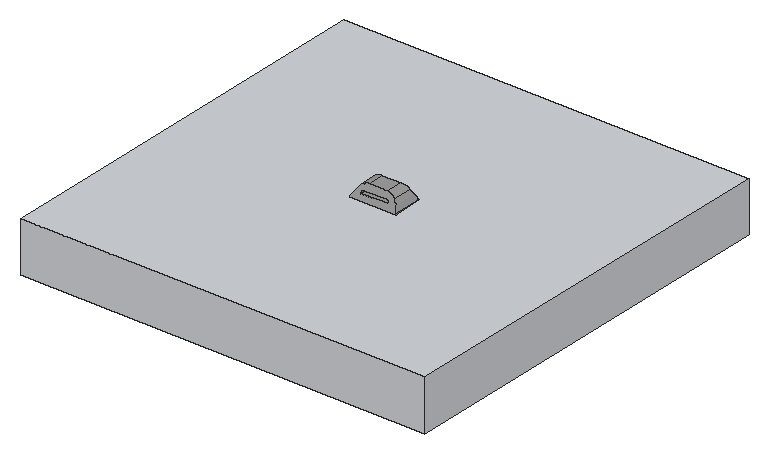
Revit family "PGN", category Lighting Fixtures, host Face, Revit 2021
Family settings
  Host = Face
  Round Connector Dimension = Use Diameter
  Part Type = Normal
  OmniClass Number = 23.80.70.11.21
  OmniClass Title = Emergency Lighting
  Cut with Voids When Loaded = No
  Light Source = Yes
  Shared = No
  Room Calculation Point = No
Parameters (values of type "PGN-Black")
  Wattage Comments = "12-17 W"
  Wattage = 17 W
  built-in parameter 1150110 = 1 (stored number, unit not read)
  URL = "https://www.currentlighting.com/dual-lite"
  built-in parameter 1114217 = 1 (stored number, unit not read)
  built-in parameter 1150109 = 1 (stored number, unit not read)
  built-in parameter 1150134 = 12
  built-in parameter 1150113 = 1 (stored number, unit not read)
  Product Page URL = ""
  Product Documentation Link = ""
  Model = "PGN"  # constant formula
  Manufacturer = "Dual-lite"  # constant formula
  built-in parameter 1150105 = 200.95 (stored number, unit not read)
  Lumens = 2525.21 lm
  built-in parameter 1150115 = 1 (stored number, unit not read)
  Light Source Symbol Size = 0.65"
  built-in parameter 1150137 = (empty or 0)
  built-in parameter 1150139 = (empty or 0)
  built-in parameter 1150112 = 1 (stored number, unit not read)
  built-in parameter 1150114 = 1 (stored number, unit not read)
  Lamp = "4 HIGH OUTPUT LED"  # constant formula
  built-in parameter 1150132 = (empty or 0)
  built-in parameter 1150102 = (empty or 0)
  built-in parameter 1150107 = 4000 (stored number, unit not read)
  built-in parameter 1150138 = (empty or 0)
  built-in parameter 1150106 = 2.0095 (stored number, unit not read)
  Family = "Outdoor Emergency Lighting"  # constant formula
  Emit from Line Length = 5"
  built-in parameter 1150104 = 13.8 (stored number, unit not read)
  Dimming Lamp Color Temperature Shift = <None>
  Description = "High Performance LED Sconce"  # constant formula
  Default Elevation = 48"
  Color Filter = 16777215
  built-in parameter 1114218 = 1 (stored number, unit not read)
  Backbox = Black
  built-in parameter 1150133 = 10 (stored number, unit not read)
Types (5): name | Wattage | built-in parameter 1150134 | built-in parameter 1150105 | Lumens | built-in parameter 1150107 | built-in parameter 1150106 | Backbox
  (no name) | 17 W | 12 | 200.95 (stored number, unit not read) | 2525.21 lm | 4000 (stored number, unit not read) | 2.0095 (stored number, unit not read) | Black
  PGN-Black | 17 W | 12 | 200.95 (stored number, unit not read) | 2525.21 lm | 4000 (stored number, unit not read) | 2.0095 (stored number, unit not read) | Black
  PGN-White | 9.2903 W | 8 | 109.82 (stored number, unit not read) | 1380 lm | 4230 (stored number, unit not read) | 1.0982 (stored number, unit not read) | White
  PGN-Dark Bronze | 17 W | 3 | 200.95 (stored number, unit not read) | 2525.21 lm | 3200 (stored number, unit not read) | 2.0095 (stored number, unit not read) | Dark Bronze
  PGN-SAL | 9.2903 W | 3 | 109.82 (stored number, unit not read) | 1380 lm | 3200 (stored number, unit not read) | 1.0982 (stored number, unit not read) | Platinum Silver
Reference planes (in)
  plane 1 "Center (Front/Back)": y = 0.03999
  plane 2: z = 0.06357
  plane 3 "Center (Left/Right)": x = 0
  plane 4: x = -5.5
  plane 5: x = 5.5
  plane 6: y = 3.53999
  plane 7: y = -3.46001
  plane 8: z = 3.25107
  plane 9: through (0, 4.17275, 0.82335) normal (0, -0.4384, 0.8988)
  plane 10: z = -1.33553
  plane 11: z = 1.60902
Forms (in)
  Extrusion 1, solid
    sketch origin (0, 0, 0.06357) x (1, 0, 0) y (0, 1, 0)
      loop
        line (-48, 48) -> (-48, -48) -> (48, -48) -> (48, 48) -> (-48, 48)
    from 0 to -12
  Extrusion 2, solid, material "Black" <- "Backbox"
    sketch origin (0, 0.03999, 0) x (1, 0, 0) y (0, 0, 1)
      loop
        line (-5.3868, 0.06357) -> (5.39003, 0.06357)
        arc (5.39003, 0.06357) -> (5.45106, 0.09639) -> (5.45732, 0.16541) r 0.07315
        arc (5.45732, 0.16541) -> (4.87289, 1.30214) -> (4.13181, 2.34353) r 8.9083
        arc (4.13181, 2.34353) -> (3.27011, 3.01282) -> (2.20535, 3.25107) r 2.49845
        line (2.20535, 3.25107) -> (-2.20535, 3.25107)
        arc (-2.20535, 3.25107) -> (-3.27011, 3.01282) -> (-4.13181, 2.34353) r 2.49845
        arc (-4.13181, 2.34353) -> (-4.87205, 1.30353) -> (-5.45604, 0.1684) r 8.9083
        arc (-5.45604, 0.1684) -> (-5.44962, 0.09736) -> (-5.3868, 0.06357) r 0.07528
    from -3.5 to 3.5
  Extrusion 3, void
    sketch origin (0, 0, 0) x (0, 1, 0) y (0, 0, 1)
      loop
        line (2.12576, 3.25107) -> (3.53999, 0.06357) -> (3.53999, 3.25107) -> (2.12576, 3.25107)
      loop
        line (-1.6793, 3.25107) -> (-3.46001, 3.25107) -> (-3.46001, 0.06357) -> (-1.6793, 3.25107)
    from -5.5 to 5.5
  Extrusion 4, void
    sketch origin (0, 0.03999, 0) x (1, 0, 0) y (0, 0, 1)
      loop
        line (2.67168, 1.94079) -> (-2.67168, 1.94079)
        arc (-2.67168, 1.94079) -> (-3.10296, 1.77951) -> (-3.32258, 1.37481) r 0.65727
        arc (-3.32258, 1.37481) -> (-3.30137, 1.30326) -> (-3.23345, 1.27231) r 0.09
        line (-3.23345, 1.27231) -> (3.23345, 1.27231)
        arc (3.23345, 1.27231) -> (3.30137, 1.30326) -> (3.32258, 1.37481) r 0.09
        arc (3.32258, 1.37481) -> (3.10296, 1.77951) -> (2.67168, 1.94079) r 0.65727
    from -2.08577 to 3.5
  Extrusion 5, void
    sketch origin (0, 0.49474, -1.23932) x (1, 0, 0) y (0, -0.422618, 0.906308)
      loop
        line (-1.23261, -0.10615) -> (0, -0.10615) -> (1.23261, -0.10615) -> (0.35456, 0.58146)
        arc (0.35456, 0.58146) -> (0, 0.70377) -> (-0.35456, 0.58146) r 0.57507
        line (-0.35456, 0.58146) -> (-1.23261, -0.10615)
    from -3.37592 to -1.60818
Cuts and joins
  Extrusion 3, Extrusion 4, Extrusion 5 cuts Extrusion 2
Dimensions and locks (in)
  locked: plane 4 to plane 3 "Center (Left/Right)" at 5.5
  locked: plane 5 to plane 3 "Center (Left/Right)" at 5.5
  locked: plane 6 to plane 1 "Center (Front/Back)" at 3.5
  locked: plane 7 to plane 1 "Center (Front/Back)" at 3.5
  locked: plane 8 to Extrusion 1 at 3.1875
  locked: plane 10 to cut or joined group of Extrusion 2, Extrusion 3, Extrusion 4, Extrusion 5 at 1.3991
  locked: Extrusion 5 sketch curve to plane 3 "Center (Left/Right)" at 0.42752
  locked: plane 8 to plane 11 at 1.64204
  aligned and locked: plane 2 to Extrusion 1
  aligned and locked: level to Extrusion 1
  aligned and locked: plane 6 to Extrusion 2
  aligned and locked: plane 7 to Extrusion 2
  aligned and locked: Extrusion 3 to plane 5
  aligned and locked: Extrusion 3 to Extrusion 4
  aligned and locked: Extrusion 5 to Extrusion 3
  aligned and locked: cut or joined group of Extrusion 2, Extrusion 3, Extrusion 4, Extrusion 5 to plane 6
  aligned and locked: level to Extrusion 3 sketch curve
  aligned and locked: plane 8 to Extrusion 3 sketch curve
  aligned and locked: plane 7 to Extrusion 3 sketch curve
  aligned and locked: Extrusion 3 sketch curve to plane 8
  aligned and locked: Extrusion 3 sketch curve to plane 6
  aligned and locked: plane 11 to imposter light
Connectors (in)
  electrical at (0, 0, 0.06357), driven by "Description"
    settings: index 1, voltage 0 V, apparent load 0 VA, apparent load phase1 0 VA, apparent load phase2 0 VA, apparent load phase3 0 VA, power factor 1, load classification "Other", number of poles 1, system type 30, power factor state 1, is connector primary yes, connector utility no, sub classification motor no, connector description "High Performance LED Sconce"
